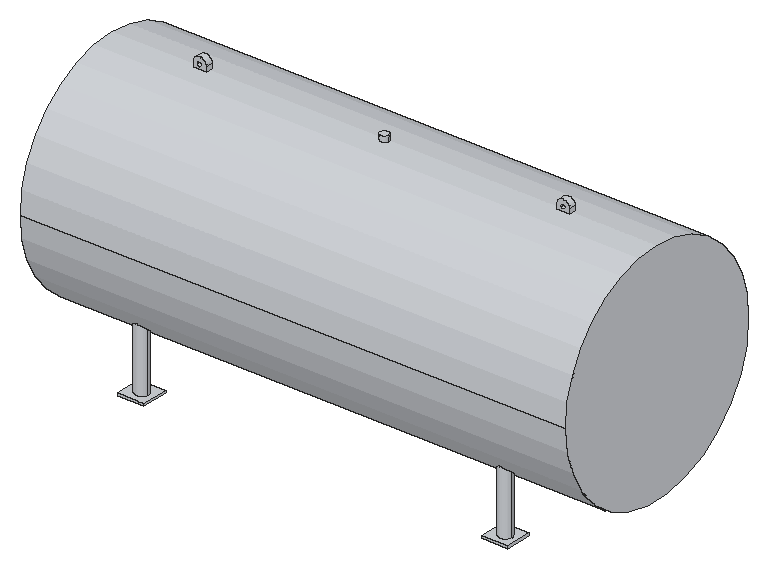
Revit family
Parameters (values of type "RGA1000H")
  Stand Width = DIAMETER / 1.5  # 34.66667"
  Stand Length = LENGTH / 1.5  # 82.66667"
  Stand Height = 7"
  MODEL NO. = Model  # "RGA1000H"
  Leg Height = DIAMETER / 1.5  # 34.66667"
  Leg Diameter = 1 1/2"
  SES BIM Studio # = "201364903-58"
  URL = "http://www.lochinvar.com/products/default.aspx?type=productline&lineid=106"
  Model = "RGA1000H"
  Manufacturer = "Lochinvar"
  HEIGHT = DIAMETER + Stand Height  # 59"
  GALLON CAPACITY = "1000"
  End Cap = Radius * 2  # 52"
  Drain Radius = 1/2"
  DIAMETER = Radius * 2  # 52"
  LENGTH = 124"
  Description = ""
  Fuel Type = ""
  Radius = 26"
Types (8): name | Stand Width | Stand Length | MODEL NO. | Leg Height | Model | HEIGHT | GALLON CAPACITY | End Cap | DIAMETER | LENGTH | Radius
  (no name) | 34.66667" | 82.66667" | "RGA1000H" | 34.66667" | "RGA1000H" | 59" | "1000" | 52" | 52" | 124" | 26"
  RGA0250H | 22.66667" | 58" | "RGA0250H" | 22.66667" | "RGA0250H" | 41" | "250" | 34" | 34" | 87" | 17"
  RGA0300H | 26.66667" | 50.66667" | "RGA0300H" | 26.66667" | "RGA0300H" | 47" | "300" | 40" | 40" | 76" | 20"
  RGA0400H | 30.66667" | 50.66667" | "RGA0400H" | 30.66667" | "RGA0400H" | 53" | "400" | 46" | 46" | 76" | 23"
  RGA0500H | 30.66667" | 58.66667" | "RGA0500H" | 30.66667" | "RGA0500H" | 53" | "500" | 46" | 46" | 88" | 23"
  RGA0600H | 34.66667" | 58.66667" | "RGA0600H" | 34.66667" | "RGA0600H" | 59" | "600" | 52" | 52" | 88" | 26"
  RGA0700H | 34.66667" | 66.66667" | "RGA0700H" | 34.66667" | "RGA0700H" | 59" | "700" | 52" | 52" | 100" | 26"
  RGA1000H | 34.66667" | 82.66667" | "RGA1000H" | 34.66667" | "RGA1000H" | 59" | "1000" | 52" | 52" | 124" | 26"
Reference planes (in)
  plane 1 "Center (Front/Back)": y = 6.29612
  plane 2 "Floor": z = 0
  plane 3 "Center (Left/Right)": x = 17.48282
  plane 4 "Top": z = 59
  plane 5 "right stand": x = 58.81615
  plane 6 "left stand": x = -23.85051
  plane 7 "right main": x = 79.48282
  plane 8 "left main": x = -44.51718
  plane 9 "front stand": y = 23.62946
  plane 10 "back stand": y = -11.03721
  plane 11: z = 33
  plane 12 "Bottom": z = 7
Forms (in)
  Extrusion 1, solid
    sketch origin (0, 0, 7) x (-1, 0, 0) y (0, -1, 0)
      loop
        circle (-23.48282, -6.29612) r 1.5
    from 0 to -1
  Extrusion 2, solid
    sketch origin (0, 0, 7) x (-1, 0, 0) y (0, -1, 0)
      loop
        circle (-11.48282, -6.29612) r 1.5
    from 0 to -1
  Extrusion 3, solid
    sketch origin (0, 0, 59) x (-1, 0, 0) y (0, -1, 0)
      loop
        circle (-17.48282, -6.29612) r 1
    from -1 to 1
  Extrusion 4, solid
    sketch origin (17.48282, 0, 0) x (0, 1, 0) y (0, 0, 1)
      loop
        circle (6.29612, 33) r 26
    from -62 to 62
  Extrusion 5, solid
    sketch origin (0, 0, 0) x (1, 0, 0) y (0, 1, 0)
      loop
        circle (-23.85051, 23.62946) r 1.5
      loop
        circle (58.81615, 23.62946) r 1.5
      loop
        circle (58.81615, -11.03721) r 1.5
      loop
        circle (-23.85051, -11.03721) r 1.5
    from 0 to 34.66667 <- "Leg Height"
  Extrusion 6, solid
    sketch origin (0, 0, 0) x (1, 0, 0) y (0, 1, 0)
      loop
        line (-26.85051, 20.62946) -> (-20.85051, 20.62946) -> (-20.85051, 26.62946) -> (-26.85051, 26.62946) -> (-26.85051, 20.62946)
      loop
        line (55.81615, 20.62946) -> (61.81615, 20.62946) -> (61.81615, 26.62946) -> (55.81615, 26.62946) -> (55.81615, 20.62946)
      loop
        line (55.81615, -14.03721) -> (61.81615, -14.03721) -> (61.81615, -8.03721) -> (55.81615, -8.03721) -> (55.81615, -14.03721)
      loop
        line (-26.85051, -14.03721) -> (-20.85051, -14.03721) -> (-20.85051, -8.03721) -> (-26.85051, -8.03721) -> (-26.85051, -14.03721)
    from 0 to 0.5
  Extrusion 7, solid
    sketch origin (27, 0, 7) x (-1, 0, 0) y (0, -1, 0)
      loop
        circle (-46.48803, -6.29612) r 0.5
    from 0 to -1
  Extrusion 8, solid
    sketch origin (0, 6.29612, 0) x (1, 0, 0) y (0, 0, 1)
      loop
        line (-25.35051, 59) -> (-22.35051, 59) -> (-22.35051, 60)
        arc (-22.35051, 60) -> (-23.85051, 61.5) -> (-25.35051, 60) r 1.5
        line (-25.35051, 60) -> (-25.35051, 59)
      loop
        circle (-23.85051, 60) r 0.5
    from -0.75 to 0.75
  Extrusion 9, solid
    sketch origin (58, 6.29612, 0) x (1, 0, 0) y (0, 0, 1)
      loop
        line (-0.68385, 59) -> (2.31615, 59) -> (2.31615, 60)
        arc (2.31615, 60) -> (0.81615, 61.5) -> (-0.68385, 60) r 1.5
        line (-0.68385, 60) -> (-0.68385, 59)
      loop
        circle (0.81615, 60) r 0.5
    from -0.75 to 0.75
Dimensions and locks (in)
  equal spacing: plane 5 "right stand", plane 3 "Center (Left/Right)", plane 6 "left stand"
  equal spacing: plane 7 "right main", plane 3 "Center (Left/Right)", plane 8 "left main"
  locked: plane 3 "Center (Left/Right)" to Extrusion 1 sketch curve at 6
  locked: Extrusion 2 sketch curve to plane 3 "Center (Left/Right)" at 6
  equal spacing: plane 4 "Top", plane 11, plane 12 "Bottom"
  equal spacing: Extrusion 4, plane 3 "Center (Left/Right)", Extrusion 4
  "DIAMETER": plane 4 "Top" to plane 12 "Bottom"
  "LENGTH": plane 7 "right main" to plane 8 "left main"
  equal spacing: plane 10 "back stand", plane 1 "Center (Front/Back)", plane 9 "front stand"
  "Stand Height": plane 12 "Bottom" to plane 2 "Floor"
  "Stand Width": plane 10 "back stand" to plane 9 "front stand"
  "Stand Length": plane 5 "right stand" to plane 6 "left stand"
  equal spacing: Extrusion 6 sketch curve, plane 9 "front stand", Extrusion 6 sketch curve  (x2)
  equal spacing: Extrusion 6 sketch curve, plane 6 "left stand", Extrusion 6 sketch curve  (x2)
  equal spacing: Extrusion 6 sketch curve, plane 10 "back stand", Extrusion 6 sketch curve  (x2)
  equal spacing: Extrusion 6 sketch curve, plane 5 "right stand", Extrusion 6 sketch curve  (x2)
  Extrusion 7 sketch curve to Extrusion 4 = 5.99479"
  "Radius": radius of Extrusion 4 sketch curve
  "Leg Diameter": radius of Extrusion 5 sketch curve  (x4)
  "Drain Radius": radius of Extrusion 7 sketch curve
  aligned: plane 5 "right stand" to Extrusion 4
  aligned: Extrusion 4 to plane 6 "left stand"
  aligned and locked: plane 7 "right main" to Extrusion 4
  aligned: Extrusion 4 to plane 8 "left main"
Automatic sketch dimensions
  plane 1 "Center (Front/Back)" to Extrusion 1 sketch curve = 0"
  plane 1 "Center (Front/Back)" to Extrusion 2 sketch curve = 0"
  plane 1 "Center (Front/Back)" to Extrusion 3 sketch curve = 0"
  Extrusion 3 sketch curve to plane 3 "Center (Left/Right)" = 0"
  Extrusion 4 sketch curve to plane 1 "Center (Front/Back)" = 0"
  Extrusion 4 sketch curve to plane 11 = 0"
  Extrusion 5 sketch curve to plane 6 "left stand" = 0"  (x2)
  Extrusion 5 sketch curve to plane 5 "right stand" = 0"  (x2)
  plane 10 "back stand" to Extrusion 5 sketch curve = 0"  (x2)
  plane 9 "front stand" to Extrusion 5 sketch curve = 0"  (x2)
  Extrusion 6 sketch curve to plane 6 "left stand" = 3"  (x2)
  Extrusion 6 sketch curve to plane 5 "right stand" = 3"  (x2)
  plane 10 "back stand" to Extrusion 6 sketch curve = 3"  (x2)
  plane 9 "front stand" to Extrusion 6 sketch curve = 3"  (x2)
  plane 1 "Center (Front/Back)" to Extrusion 7 sketch curve = 0"
  Extrusion 8 sketch curve to Extrusion 8 sketch curve = 0"  (x2)
  Extrusion 8 sketch curve to plane 4 "Top" = 0"
  Extrusion 8 sketch curve to plane 6 "left stand" = 0"
  Extrusion 8 sketch curve to plane 6 "left stand" = 1 1/2"
  Extrusion 8 sketch curve to Extrusion 8 sketch curve = 1"
  Extrusion 9 sketch curve to Extrusion 9 sketch curve = 0"  (x2)
  Extrusion 9 sketch curve to plane 4 "Top" = 0"
  Extrusion 9 sketch curve to plane 5 "right stand" = 0"
  Extrusion 9 sketch curve to plane 5 "right stand" = 1 1/2"
  Extrusion 9 sketch curve to Extrusion 9 sketch curve = 1"
  radius of Extrusion 1 sketch curve = 1 1/2"
  radius of Extrusion 2 sketch curve = 1 1/2"
  radius of Extrusion 3 sketch curve = 1"
  radius of Extrusion 8 sketch curve = 1/2"
  radius of Extrusion 9 sketch curve = 1/2"
Connectors (in)
  piping at (11.48282, 6.29612, 6)
    settings: on Extrusion 2, index 1, connector radius 1 1/2", flow factor 0, pipe flow 0 GPM, pressure drop 0.00 psi, fitting loss kfactor 0, connector angle 0.00°, fixture units 0, flow configuration 0, flow direction 1, fitting loss method 0, system type 20, connector reference index -1, connector utility 0, adjustable connector no, is connector primary yes, fitting loss table "", connector description "Cold Water Inlet"
  piping at (23.48282, 6.29612, 6)
    settings: on Extrusion 1, index 2, connector radius 1 1/2", flow factor 0, pipe flow 0 GPM, pressure drop 0.00 psi, fitting loss kfactor 0, connector angle 0.00°, fixture units 0, flow configuration 0, flow direction 1, fitting loss method 0, system type 20, connector reference index -1, connector utility 0, adjustable connector no, is connector primary no, fitting loss table "", connector description "Cold Water Inlet"
  piping at (17.48282, 6.29612, 60)
    settings: on Extrusion 3, index 3, connector radius 1", flow factor 0, pipe flow 0 GPM, pressure drop 0.00 psi, fitting loss kfactor 0, connector angle 0.00°, fixture units 0, flow configuration 0, flow direction 2, fitting loss method 0, system type 19, connector reference index -1, connector utility 0, adjustable connector no, is connector primary no, fitting loss table "", connector description "Hot Water Outlet"
  piping at (73.48803, 6.29612, 6), driven by "Drain Radius"
    settings: on Extrusion 7, index 4, connector radius 1/2", flow factor 0, pipe flow 0 GPM, pressure drop 0.00 psi, fitting loss kfactor 0, connector angle 0.00°, fixture units 0, flow configuration 3, flow direction 2, fitting loss method 0, system type 16, connector reference index -1, connector utility 0, adjustable connector no, is connector primary no, fitting loss table "", connector description ""
